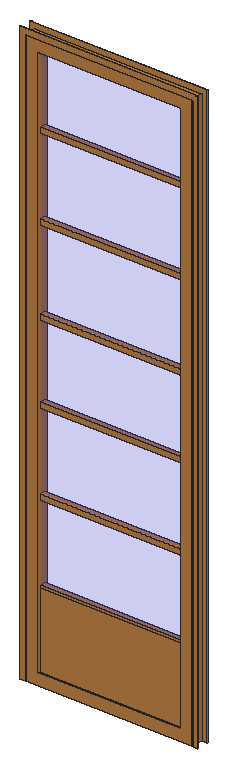
Revit family "WST_A3-Durowin-610x2134-SDAH", category Doors, host Wall, Revit 2016
Family settings
  Host = Wall
  Always vertical = Yes
  Cut with Voids When Loaded = No
  Shared = No
  Room Calculation Point = No
Parameters (values of type "SDAH Durowin")
  URL = "http://www.Durowin.com"
  Thickness = 0 mm
  Rough Width = Width + (2 * Frame Width)  # 654 mm
  Rough Height = Height + Frame Width  # 2156 mm
  Panel Width = 800 mm
  Model Type = "Sidelight"
  Model = "French Door And Sidelights"
  Material Glass = Glass
  Material Door Panel = Default Steel Door Panel
  Material Door Frame = Default Steel Door Frame
  Manufacturer Code Panel = "SDAH"
  Manufacturer Code Frame = "SDAH"
  Manufacturer = "Durowin"
  Height = 2134 mm
  Wall Closure = By host
  Width = 610 mm
  Function = Interior
  Frame Width = 22 mm
  Construction Type = "Steel"
  Assembly Code = "B2030120"
Reference planes
  plane 1 "Center Line": y = 0
  plane 2 "Center (Left/Right)": x = 38
  plane 3 "Left": x = -289
  plane 4 "Right": x = 365
  plane 5: z = 2156
  plane 6 "Exterior": y = 110
  plane 7 "Interior": y = -110
  plane 8: x = 455
  plane 9: x = -379
  plane 10: x = 313
  plane 11: x = 343
  plane 12: x = -267
  plane 13: z = 2134
  plane 14: z = 317.571
  plane 15 "Panel centre": y = -24.5
  plane 16 "panel interior": y = -35.5
  plane 17 "Panel Exterior": y = -13.5
  plane 18: x = -226
  plane 19: x = 302
  plane 20: z = 1214.786
  plane 21: z = 105
  plane 22: z = 1831.262
  plane 23: z = 1528.524
  plane 24: z = 923.048
  plane 25: z = 620.31
  plane 26: z = 1966
  plane 27: x = -267
  plane 28: x = 343
  plane 29: y = -910
  plane 30: z = 2093
Forms (mm)
  Sweep 1, solid, material "Default Steel Door Frame" <- "Material Door Frame", detail levels medium+fine
    path origin (0, 0, 0) x (1, 0, 0) y (0, 0, 1)
      loop
        line (365, 0) -> (365, 2156) -> (-289, 2156) -> (-289, 0)
    profile origin (0, 0, 1078) x (-1, 0, 0) y (0, -1, 0)
      loop
        line (-365, 0) -> (-330, 0) -> (-330, 3) -> (-343, 3) -> (-343, 45) -> (-365, 45) -> (-365, 41.976) -> (-346, 41.976) -> (-346, 3) -> (-365, 3) -> (-365, 0)
  Extrusion 2, solid, material "Default Steel Door Panel" <- "Material Door Panel", detail levels medium+fine
    sketch origin (0, 0, 0) x (1, 0, 0) y (0, 0, 1)
      loop
        line (-267, 0) -> (343, 0) -> (343, 2134) -> (-267, 2134) -> (-267, 0)
      loop
        line (-226, 41) -> (302, 41) -> (302, 2093) -> (-226, 2093) -> (-226, 41)
    from 3 to 45
  Extrusion 3, solid, material "Glass" <- "Material Glass", detail levels medium+fine
    sketch origin (0, -24.5, 0) x (1, 0, 0) y (0, 0, 1)
      loop
        line (302, 317.571) -> (302, 2093) -> (-226, 2093) -> (-226, 317.571) -> (302, 317.571)
    from 5 to -5
  Extrusion 4, solid, material "Default Steel Door Panel" <- "Material Door Panel", detail levels medium+fine
    sketch origin (0, -24.5, 0) x (1, 0, 0) y (0, 0, 1)
      loop
        line (302, 41) -> (302, 317.571) -> (-226, 317.571) -> (-226, 41) -> (302, 41)
    from 11 to -11
  Sweep 5, solid, material "Default Steel Door Panel" <- "Material Door Panel", detail levels medium+fine
    path origin (2.111, -24.5, 21.11) x (1, 0, 0) y (0, 0, 1)
      loop
        line (302, 1810.152) -> (-228.111, 1810.152)
    profile origin (39.055, 0, 0) x (0, 0, -1) y (0, -1, 0)
      loop
        line (-1821.262, 14.5) -> (-1821.262, 34.5) -> (-1841.262, 34.5) -> (-1841.262, 14.5) -> (-1821.262, 14.5)
  Sweep 6, solid, material "Default Steel Door Panel" <- "Material Door Panel", detail levels medium+fine
    path origin (0, -24.5, -500.091) x (1, 0, 0) y (0, 0, 1)
      loop
        line (302, 1714.876) -> (-226, 1714.876)
    profile origin (38, 0, 0) x (0, 0, -1) y (0, -1, 0)
      loop
        line (-1204.786, 14.5) -> (-1204.786, 34.5) -> (-1224.786, 34.5) -> (-1224.786, 14.5) -> (-1204.786, 14.5)
  Sweep 7, solid, material "Default Steel Door Panel" <- "Material Door Panel", detail levels medium+fine
    path origin (0.036, -24.5, -1027.218) x (1, 0, 0) y (0, 0, 1)
      loop
        line (302, 1647.527) -> (-226.036, 1647.527)
    profile origin (38.018, 0, 0) x (0, 0, -1) y (0, -1, 0)
      loop
        line (-610.31, 14.5) -> (-610.31, 34.5) -> (-630.31, 34.5) -> (-630.31, 14.5) -> (-610.31, 14.5)
  Sweep 8, solid, material "Default Steel Door Panel" <- "Material Door Panel", detail levels medium+fine
    path origin (2.111, -24.5, -255.462) x (1, 0, 0) y (0, 0, 1)
      loop
        line (302, 1783.985) -> (-228.111, 1783.985)
    profile origin (39.055, 0, 0) x (0, 0, -1) y (0, -1, 0)
      loop
        line (-1518.524, 14.5) -> (-1518.524, 34.5) -> (-1538.524, 34.5) -> (-1538.524, 14.5) -> (-1518.524, 14.5)
  Sweep 9, solid, material "Default Steel Door Panel" <- "Material Door Panel", detail levels medium+fine
    path origin (2.111, -24.5, -808.605) x (1, 0, 0) y (0, 0, 1)
      loop
        line (302, 1731.652) -> (-228.111, 1731.652)
    profile origin (39.055, 0, 0) x (0, 0, -1) y (0, -1, 0)
      loop
        line (-913.048, 14.5) -> (-913.048, 34.5) -> (-933.048, 34.5) -> (-933.048, 14.5) -> (-913.048, 14.5)
  Sweep 10, solid, material "Default Steel Door Panel" <- "Material Door Panel", detail levels medium+fine
    path origin (0.036, -24.5, -1329.956) x (1, 0, 0) y (0, 0, 1)
      loop
        line (302, 1647.527) -> (-226.036, 1647.527)
    profile origin (38.018, 0, 0) x (0, 0, -1) y (0, -1, 0)
      loop
        line (-307.571, 14.5) -> (-307.571, 34.5) -> (-327.571, 34.5) -> (-327.571, 14.5) -> (-307.571, 14.5)
Cuts and joins
  joined: Sweep 5, Sweep 6, Sweep 7, Sweep 8, Sweep 9, Sweep 10
Lines and regions (mm)
  Opening 1
    outline origin (-3050, -110, 0) x (1, 0, 0) y (0, 0, 1)
      loop
        line (2761, 0) -> (3415, 0) -> (3415, 2156) -> (2761, 2156) -> (2761, 0)
  symbolic lines, style "DoorsPanelProjection", detail levels coarse
    curve 1: line (-289, 0, 0) -> (365, 0, 0)
  symbolic lines, style "Overhead", detail levels medium+fine
    curve 2: line (-289, -110, 0) -> (365, -110, 0)
    curve 3: line (365, 110, 0) -> (-289, 110, 0)
Text (mm)
  text "Exterior" at (-2295.016, 1099.543, 0), in view "Ref. Level"
  text "Exterior" at (0, 1615.38, 3698.081), in view "Left"
  text "Exterior" at (0, 1036.032, 3874.932), in view "Right"
Dimensions and locks
  equal spacing: plane 3 "Left", plane 2 "Center (Left/Right)", plane 4 "Right"
  "Width": plane 12 to plane 11
  "Height": plane 13 to host wall
  host wall to plane 20 to plane 5 = 1214.786 mm, 941.214 mm
  locked: host wall to plane 6 "Exterior" at 0
  locked: plane 7 "Interior" to host wall
  locked: plane 4 "Right" to plane 8 at 90
  plane 9 to plane 3 "Left" = 90 mm
  locked: plane 10 to plane 4 "Right" at 52
  "Frame Width": plane 3 "Left" to plane 12
  "Frame Width": plane 11 to plane 4 "Right"
  "Frame Width": plane 13 to plane 5
  locked: plane 15 "Panel centre" to plane 1 "Center Line" at 24.5
  plane 19 to plane 4 "Right" = 63 mm
  plane 3 "Left" to plane 18 = 63 mm  (x2)
  plane 26 to plane 5 = 190 mm
  "Panel Width": plane 29 to plane 7 "Interior"
  Sweep 1 to plane 18 = 41 mm
  plane 19 to plane 28 = 41 mm
  aligned and locked: plane 3 "Left" to Opening 1 sketch curve
  aligned and locked: plane 5 to Opening 1 sketch curve  (x2)
  aligned and locked: Opening 1 sketch curve to plane 4 "Right"
  aligned and locked: Opening 1 sketch curve to level
  aligned and locked: plane 1 "Center Line" to host wall
  aligned and locked: Extrusion 3 sketch curve to Extrusion 2  (x3)
  aligned and locked: plane 14 to Extrusion 3 sketch curve
  aligned and locked: Extrusion 4 sketch curve to Extrusion 2
  aligned and locked: Extrusion 2 to Sweep 8 sketch curve
  aligned and locked: Extrusion 2 to Sweep 9 sketch curve
  aligned and locked: Extrusion 2 to Sweep 7 sketch curve
  aligned and locked: Sweep 7 sketch curve to plane 25
  aligned and locked: Sweep 9 sketch curve to plane 24
  aligned and locked: Sweep 6 sketch curve to plane 20
  aligned and locked: Extrusion 2 to Sweep 6 sketch curve
  aligned and locked: Sweep 8 sketch curve to plane 23
  aligned and locked: Sweep 5 sketch curve to plane 22
  aligned and locked: Extrusion 2 to Sweep 5 sketch curve
  aligned and locked: Extrusion 2 sketch curve to plane 28
  aligned and locked: plane 12 to plane 27
  aligned and locked: plane 11 to plane 28
  aligned and locked: Sweep 1 sketch curve to host wall
  aligned and locked: Sweep 1 sketch curve to plane 5
  aligned and locked: Extrusion 2 sketch curve to plane 12
  aligned and locked: plane 18 to Extrusion 2 sketch curve
  aligned and locked: Extrusion 2 to Sweep 1 sketch curve
  aligned and locked: Sweep 1 sketch curve to Sweep 1 sketch curve
Automatic sketch dimensions
  plane 14 to Extrusion 4 sketch curve = 0 mm
  Extrusion 4 sketch curve to plane 19 = 0 mm
  plane 21 to Extrusion 4 sketch curve = 64 mm
  profile plane to Sweep 5 sketch curve = 10 mm
  Sweep 5 sketch curve to plane 15 "Panel centre" = 10 mm
  Sweep 5 sketch curve to profile plane = 10 mm
  plane 15 "Panel centre" to Sweep 5 sketch curve = 10 mm
  Sweep 5 sketch curve to plane 19 = 2.111 mm
  Sweep 6 sketch curve to plane 19 = 0 mm
  profile plane to Sweep 6 sketch curve = 10 mm  (x2)
  Sweep 6 sketch curve to profile plane = 10 mm  (x2)
  Sweep 7 sketch curve to plane 19 = 0.036 mm
  profile plane to Sweep 7 sketch curve = 10 mm  (x2)
  Sweep 7 sketch curve to profile plane = 10 mm  (x2)
  Sweep 8 sketch curve to plane 19 = 2.111 mm
  profile plane to Sweep 8 sketch curve = 10 mm  (x2)
  Sweep 8 sketch curve to profile plane = 10 mm  (x2)
  Sweep 9 sketch curve to plane 19 = 2.111 mm
  profile plane to Sweep 9 sketch curve = 10 mm  (x2)
  Sweep 9 sketch curve to profile plane = 10 mm  (x2)
  Sweep 1 sketch curve to plane 4 "Right" = 0 mm
  Sweep 1 sketch curve to level = 0 mm  (x2)
  Extrusion 2 sketch curve to plane 19 = 0 mm
  Extrusion 2 sketch curve to level = 0 mm
  Extrusion 2 sketch curve to plane 30 = 0 mm
  Extrusion 2 sketch curve to plane 13 = 0 mm
  level to Extrusion 2 sketch curve = 41 mm
  Sweep 10 sketch curve to plane 14 = 0 mm
  Sweep 10 sketch curve to plane 18 = 0 mm
  Sweep 10 sketch curve to plane 19 = 0.036 mm
  profile plane to Sweep 10 sketch curve = 10 mm  (x2)
  Sweep 10 sketch curve to profile plane = 10 mm  (x2)
  curve 3 to host wall = 0 mm
  curve 3 to plane 3 "Left" = 0 mm
  curve 2 to host wall = 0 mm
  curve 2 to plane 3 "Left" = 0 mm
  curve 1 to host wall = 0 mm
  curve 1 to plane 3 "Left" = 0 mm
  curve 3 to plane 4 "Right" = 0 mm
  curve 2 to plane 4 "Right" = 0 mm
  curve 1 to plane 4 "Right" = 0 mm
  Sweep 1 sketch curve to plane 1 "Center Line" = 0 mm
  Sweep 1 sketch curve to profile plane = 0 mm  (x2)
  Sweep 1 sketch curve to profile plane = 19 mm
  Sweep 1 sketch curve to Sweep 1 sketch curve = 3 mm
  Sweep 1 sketch curve to Sweep 1 sketch curve = 13 mm
  Sweep 1 sketch curve to Sweep 1 sketch curve = 38.976 mm
  Sweep 1 sketch curve to Sweep 1 sketch curve = 3.024 mm
